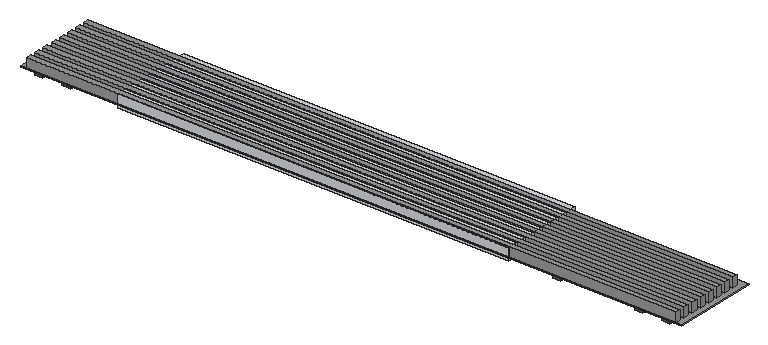
Revit family "1112-8, Veneer", category Generic Models, host Face, Revit 2020
Family settings
  Host = Face
  Can host rebar = No
  Round Connector Dimension = Use Diameter
  Part Type = Normal
  Cut with Voids When Loaded = No
  Shared = No
  Room Calculation Point = No
Parameters
  min_value [instance] = 1' - 11 1/4"  # constant formula
  max_value [instance] = 9' - 11 1/4"  # constant formula
  actual_value [instance] = if(NET LENGTH < min_value, min_value, if(NET LENGTH > max_value, max_value, NET LENGTH))  # 7' - 11 1/4"
  SCRIM MATERIAL [instance] = SCRIM
  SCRIM [instance] = yes
  NET LENGTH [instance] = 7' - 11 1/4"
  Default Elevation = 4' - 0"
  BACKER MATERIAL [instance] = BLACK-BACKERS
  .. MEMBER WIDTH [instance] = 0' - 0 3/4"  # constant formula
  .. MEMBER MATERIAL [instance] = Veneer Cherry
  .. MEMBER LENGTH [instance] = actual_value  # 7' - 11 1/4"
  .. MEMBER DEPTH [instance] = 0' - 1 3/8"  # constant formula
  .. MEMBER COUNT [instance] = 8  # constant formula
  IMPORTANT NOTE!!!                                                                             *Backer layout is for visualization purposes only, final layout to be determined by 9Wood. [instance] = ""
Reference planes (in)
  plane 1 "Center (Front/Back)": y = 0
  plane 2: z = 1.82209
  plane 3 "Center (Left/Right)": x = 0
Forms (in)
  Extrusion 1, solid
    sketch origin (132, -33.80483, 0) x (1, 0, 0) y (0, 1, 0)
      loop
        line (-118.625, 33.80483) -> (-61.26146, 33.80483) -> (-61.26146, 45.86733) -> (-118.625, 45.86733) -> (-118.625, 33.80483)
    from 1.82209 to 0
Dimensions and locks (in)
  aligned and locked: Extrusion 1 to plane 2
  aligned and locked: plane 3 "Center (Left/Right)" to nested 1
Nested families (in)
  nested 1: "1100 SERIES CONFIG" at (0, 2, 0), .. MEMBER DEPTH <- ".. MEMBER DEPTH", .. MEMBER LENGTH <- ".. MEMBER LENGTH", .. MEMBER WIDTH <- ".. MEMBER WIDTH", .. MEMBER MATERIAL <- ".. MEMBER MATERIAL", BACKING M MATERIAL <- "BACKER MATERIAL", SCRIM  MATERIAL <- "SCRIM MATERIAL", .. MEMBER COUNT <- ".. MEMBER COUNT", SCRIM <- "SCRIM", type "1100 SERIES CONFIG"
    with X 7' - 8", SCRIM OVERHANG 2 0' - 0 3/32", SCRIM OVERHANG 0' - 0 7/8", SCRIM LENGTH 8' - 1", SCRIM  MATERIAL SCRIM, SCRIM yes, NOMINAL LENGTH 7, N 8, Inset 6' - 0 3/8", INSET 0' - 1", INDEX 0' - 5 5/8", HALF MEMBER WIDTH 0' - 0 3/8", HALF LENGTH 3' - 11 5/8", END BACKER yes, BACKING M WIDTH 0' - 1 1/4", BACKING M OC SPACING 1' - 0", BACKING M MATERIAL BLACK-BACKERS, BACKING M LENGTH 0' - 11 7/8", BACKING M DEPTH 0' - 0 1/2", BACKING M COUNT 8, 3/16" INSET 0' - 0 3/16", .. MEMBER WIDTH 0' - 0 3/4", .. MEMBER OC SPACING 0' - 1 1/2", .. MEMBER MATERIAL Veneer Cherry, .. MEMBER LENGTH 7' - 11 1/4", .. MEMBER DEPTH 0' - 1 3/8", .. MEMBER COUNT 8
Definition of nested family "1100 SERIES CONFIG"
  Parameters (values of type "1100 SERIES CONFIG")
    X [instance] = .. MEMBER LENGTH - 0' 3 1/4"  # 5' - 5"
    SCRIM OVERHANG 2 [instance] = 0' - 0 3/32"  # constant formula
    SCRIM OVERHANG [instance] = 0' - 0 7/8"  # constant formula
    SCRIM LENGTH [instance] = .. MEMBER LENGTH + (SCRIM OVERHANG * 2)  # 5' - 10"
    SCRIM  MATERIAL [instance] = none
    SCRIM [instance] = yes
    NOMINAL LENGTH [instance] = 7
    N [instance] = if((X - (rounddown(X / 1' 0") * 1' 0")) > 1' 0", rounddown(X / 1' 0") + 2, rounddown(X / 1' 0") + 1)  # 6
    Inset [instance] = 6' - 0 3/8"  # constant formula
    INSET [instance] = 0' - 1"  # constant formula
    END BACKER [instance] = INDEX > 0' 3 5/8"  # yes
    INDEX [instance] = (.. MEMBER LENGTH - ((N - 1) * 1' 0")) / 2  # 0' - 4 1/8"
    HALF MEMBER WIDTH [instance] = .. MEMBER WIDTH / 2  # 0' - 0 5/16"
    HALF LENGTH [instance] = .. MEMBER LENGTH / 2  # 2' - 10 1/8"
    Default Elevation = 0' - 0"
    BACKING M WIDTH [instance] = 0' - 1 1/4"
    BACKING M SPACING = 3' - 3"
    BACKING M MATERIAL [instance] = none
    BACKING M LENGTH [instance] = 0' - 11 7/8"
    BACKING M DEPTH [instance] = 0' - 0 1/2"
    BACKING M COUNT [instance] = N  # 6
    BACKING M OC SPACING [instance] = 1' - 0"  # constant formula
    3/16" INSET [instance] = 0' - 0 3/16"  # constant formula
    .. MEMBER WIDTH [instance] = 0' - 0 5/8"
    .. MEMBER OC SPACING [instance] = 1' 0" / .. MEMBER COUNT  # 0' - 4"
    .. MEMBER MATERIAL [instance] = none
    .. MEMBER LENGTH [instance] = 5' - 8 1/4"
    .. MEMBER DEPTH [instance] = 0' - 1 3/8"
    .. MEMBER COUNT [instance] = 3
  Reference planes (in)
    plane 1 "Center (Front/Back)": y = -2
    plane 2: z = 0
    plane 3 "Center (Left/Right)": x = 0
    plane 4: x = 1
    plane 5: x = 4.125
    plane 6: x = 34.125
    plane 7: x = 68.25
    plane 8: x = 67.25
    plane 9: x = 16.125
    plane 10: y = -1.8125
    plane 11: y = -1.6875
    plane 12: y = 2.3125
    plane 13: x = 69.125
    plane 14: x = -0.875
    plane 15: z = 0.5
    plane 16: z = 0.5625
    plane 17: y = 10.0625
    plane 18: y = 10.15625
    plane 19: y = -2.09375
  Dimensions and locks (in)
    "INSET": plane 3 "Center (Left/Right)" to plane 4
    "INDEX": plane 3 "Center (Left/Right)" to plane 5
    "HALF LENGTH": plane 3 "Center (Left/Right)" to plane 6
    ".. MEMBER LENGTH": plane 3 "Center (Left/Right)" to plane 7
    "INSET": plane 8 to plane 7
    equal spacing: group 2, group 3, group 6, group 7, group 8, group 9  (x3)
    "3/16" INSET": plane 1 "Center (Front/Back)" to plane 10
    ".. MEMBER OC SPACING": plane 12 to plane 11
    "SCRIM OVERHANG": plane 14 to plane 3 "Center (Left/Right)"
    "SCRIM OVERHANG": plane 7 to plane 13
    equal spacing: group 1, group 4, group 5  (x2)
    equal spacing: group 5, group 4, group 1
    "HALF MEMBER WIDTH": plane 1 "Center (Front/Back)" to plane 11
    "BACKING M OC SPACING": plane 5 to plane 9
    "SCRIM OVERHANG 2": plane 18 to plane 17
    "SCRIM OVERHANG 2": plane 19 to plane 1 "Center (Front/Back)"
    aligned and locked: level to plane 2
    aligned and locked: plane 6 to nested 1
    aligned and locked: nested 2 to plane 4
    aligned and locked: plane 5 to nested 3
    aligned and locked: plane 1 "Center (Front/Back)" to nested 1
    aligned and locked: nested 2 to plane 10
    aligned and locked: nested 3 to plane 10
    aligned and locked: nested 5 to plane 10
    aligned and locked: nested 4 to plane 10
    aligned and locked: nested 6 to plane 14
    aligned and locked: plane 12 to nested 7
    aligned and locked: nested 7 to plane 3 "Center (Left/Right)"
    aligned and locked: plane 9 to nested 5
    aligned and locked: plane 8 to nested 4
    aligned and locked: plane 15 to nested 2
    aligned and locked: nested 6 to plane 15
    aligned and locked: nested 1 to plane 16
    aligned and locked: nested 7 to plane 16
    aligned and locked: nested 6 to plane 19
  Nested families (in)
    nested 1: "INSTANCE - Parametric Cube" at (34.125, -1.6875, 1.9375), Length <- ".. MEMBER WIDTH", Height <- ".. MEMBER DEPTH", Width <- ".. MEMBER LENGTH", Material <- ".. MEMBER MATERIAL", type "INSTANCE - Parametric Cube"
      with Width 5' - 8 1/4", Material none, Length 0' - 0 5/8", Height 0' - 1 3/8"
    nested 2: "2ND INSTANCE - Parametric Cube" at (1.625, 4.125, 0), Height <- "BACKING M DEPTH", Length <- "BACKING M LENGTH", Width <- "BACKING M WIDTH", Material <- "BACKING M MATERIAL", visible <- "END BACKER", type "2ND INSTANCE - Parametric Cube"
      with Width 0' - 1 1/4", Material none, Length 0' - 11 7/8", Height 0' - 0 1/2"
    nested 3: "2ND INSTANCE - Parametric Cube" at (4.125, 4.125, 0), Length <- "BACKING M LENGTH", Height <- "BACKING M DEPTH", Width <- "BACKING M WIDTH", Material <- "BACKING M MATERIAL", type "2ND INSTANCE - Parametric Cube"
      with Width 0' - 1 1/4", Material none, Length 0' - 11 7/8", Height 0' - 0 1/2"
    nested 4: "2ND INSTANCE - Parametric Cube" at (66.625, 4.125, 0), Width <- "BACKING M WIDTH", Length <- "BACKING M LENGTH", Height <- "BACKING M DEPTH", Material <- "BACKING M MATERIAL", visible <- "END BACKER", type "2ND INSTANCE - Parametric Cube"
      with Width 0' - 1 1/4", Material none, Length 0' - 11 7/8", Height 0' - 0 1/2"
    nested 5: "2ND INSTANCE - Parametric Cube" at (16.125, 4.125, 0), Length <- "BACKING M LENGTH", Height <- "BACKING M DEPTH", Width <- "BACKING M WIDTH", Material <- "BACKING M MATERIAL", type "2ND INSTANCE - Parametric Cube"
      with Width 0' - 1 1/4", Material none, Length 0' - 11 7/8", Height 0' - 0 1/2"
    nested 6: "3RD INSTANCE - Parametric Cube" at (34.125, 4.0445, 0.5), Width <- "SCRIM LENGTH", Material <- "SCRIM  MATERIAL", visible <- "SCRIM", type "3RD INSTANCE - Parametric Cube"
      with Width 5' - 10", Material none, Length 1' - 0.27649", Height 0' - 0 1/16"
    nested 7: "INSTANCE - Parametric Cube" at (34.125, 2.3125, 1.9375), Length <- ".. MEMBER WIDTH", Height <- ".. MEMBER DEPTH", Width <- ".. MEMBER LENGTH", Material <- ".. MEMBER MATERIAL", type "INSTANCE - Parametric Cube"
      with Width 5' - 8 1/4", Material none, Length 0' - 0 5/8", Height 0' - 1 3/8"
    nested 8: "INSTANCE - Parametric Cube" at (34.125, 6.3125, 1.9375), Length <- ".. MEMBER WIDTH", Height <- ".. MEMBER DEPTH", Width <- ".. MEMBER LENGTH", Material <- ".. MEMBER MATERIAL", type "INSTANCE - Parametric Cube"
      with Width 5' - 8 1/4", Material none, Length 0' - 0 5/8", Height 0' - 1 3/8"
    nested 9: "2ND INSTANCE - Parametric Cube" at (28.125, 4.125, 0), Length <- "BACKING M LENGTH", Height <- "BACKING M DEPTH", Width <- "BACKING M WIDTH", Material <- "BACKING M MATERIAL", type "2ND INSTANCE - Parametric Cube"
      with Width 0' - 1 1/4", Material none, Length 0' - 11 7/8", Height 0' - 0 1/2"
    nested 10: "2ND INSTANCE - Parametric Cube" at (40.125, 4.125, 0), Length <- "BACKING M LENGTH", Height <- "BACKING M DEPTH", Width <- "BACKING M WIDTH", Material <- "BACKING M MATERIAL", type "2ND INSTANCE - Parametric Cube"
      with Width 0' - 1 1/4", Material none, Length 0' - 11 7/8", Height 0' - 0 1/2"
    nested 11: "2ND INSTANCE - Parametric Cube" at (52.125, 4.125, 0), Length <- "BACKING M LENGTH", Height <- "BACKING M DEPTH", Width <- "BACKING M WIDTH", Material <- "BACKING M MATERIAL", type "2ND INSTANCE - Parametric Cube"
      with Width 0' - 1 1/4", Material none, Length 0' - 11 7/8", Height 0' - 0 1/2"
    nested 12: "2ND INSTANCE - Parametric Cube" at (64.125, 4.125, 0), Length <- "BACKING M LENGTH", Height <- "BACKING M DEPTH", Width <- "BACKING M WIDTH", Material <- "BACKING M MATERIAL", type "2ND INSTANCE - Parametric Cube"
      with Width 0' - 1 1/4", Material none, Length 0' - 11 7/8", Height 0' - 0 1/2"
  Definition of nested family "INSTANCE - Parametric Cube"
    Parameters (values of type "INSTANCE - Parametric Cube")
      Width [instance] = 0' - 6"
      Material [instance] = none
      Length [instance] = 1' - 0"
      Height [instance] = 1' - 6"
      Default Elevation = 0' - 0"
    Reference planes (in)
      plane 1 "Center (Front/Back)": y = 0
      plane 2: z = 0
      plane 3 "Center (Left/Right)": x = 0
      plane 4: x = -3
      plane 5: x = 3
      plane 6: y = 6
      plane 7: y = -6
      plane 8: z = -18
    Forms (in)
      Extrusion 1, solid, material <- "Material"
        sketch origin (0, 0, 0) x (1, 0, 0) y (0, 1, 0)
          loop
            line (-3, 6) -> (-3, -6) -> (3, -6) -> (3, 6) -> (-3, 6)
        from -18 to 0
    Dimensions and locks (in)
      equal spacing: plane 4, plane 3 "Center (Left/Right)", plane 5
      equal spacing: plane 6, plane 1 "Center (Front/Back)", plane 7
      "Length": plane 6 to plane 7
      "Width": plane 4 to plane 5
      "Height": plane 8 to level
      aligned and locked: plane 2 to level
      aligned and locked: Extrusion 1 sketch curve to plane 6
      aligned and locked: plane 4 to Extrusion 1 sketch curve
      aligned and locked: plane 7 to Extrusion 1 sketch curve
      aligned and locked: Extrusion 1 sketch curve to plane 5
      aligned and locked: Extrusion 1 to plane 8
  Definition of nested family "2ND INSTANCE - Parametric Cube"
    Parameters (values of type "2ND INSTANCE - Parametric Cube")
      Width [instance] = 0' - 6"
      Material [instance] = none
      Length [instance] = 1' - 0"
      Height [instance] = 1' - 6"
      Default Elevation = 0' - 0"
    Reference planes (in)
      plane 1 "Center (Front/Back)": y = 0
      plane 2: z = 0
      plane 3 "Center (Left/Right)": x = 0
      plane 4: x = -3
      plane 5: x = 3
      plane 6: y = 6
      plane 7: y = -6
      plane 8: z = 18
    Forms (in)
      Extrusion 1, solid, material <- "Material"
        sketch origin (0, 0, 0) x (1, 0, 0) y (0, 1, 0)
          loop
            line (-3, 6) -> (-3, -6) -> (3, -6) -> (3, 6) -> (-3, 6)
        from 0 to 18
    Dimensions and locks (in)
      equal spacing: plane 4, plane 3 "Center (Left/Right)", plane 5
      equal spacing: plane 6, plane 1 "Center (Front/Back)", plane 7
      "Length": plane 6 to plane 7
      "Width": plane 4 to plane 5
      "Height": level to plane 8
      aligned and locked: plane 2 to level
      aligned and locked: Extrusion 1 sketch curve to plane 6
      aligned and locked: plane 4 to Extrusion 1 sketch curve
      aligned and locked: plane 7 to Extrusion 1 sketch curve
      aligned and locked: Extrusion 1 sketch curve to plane 5
      aligned and locked: plane 8 to Extrusion 1
      aligned and locked: Extrusion 1 to level
  Definition of nested family "3RD INSTANCE - Parametric Cube"
    Parameters (values of type "3RD INSTANCE - Parametric Cube")
      Width [instance] = 0' - 6"
      Material [instance] = none
      Length [instance] = 1' - 0"
      Height [instance] = 1' - 6"
      Default Elevation = 0' - 0"
    Reference planes (in)
      plane 1 "Center (Front/Back)": y = 0
      plane 2: z = 0
      plane 3 "Center (Left/Right)": x = 0
      plane 4: x = -3
      plane 5: x = 3
      plane 6: y = 6
      plane 7: y = -6
      plane 8: z = 18
    Forms (in)
      Extrusion 1, solid, material <- "Material"
        sketch origin (0, 0, 0) x (1, 0, 0) y (0, 1, 0)
          loop
            line (-3, 6) -> (-3, -6) -> (3, -6) -> (3, 6) -> (-3, 6)
        from 0 to 18
    Dimensions and locks (in)
      equal spacing: plane 4, plane 3 "Center (Left/Right)", plane 5
      equal spacing: plane 6, plane 1 "Center (Front/Back)", plane 7
      "Length": plane 6 to plane 7
      "Width": plane 4 to plane 5
      "Height": level to plane 8
      aligned and locked: plane 2 to level
      aligned and locked: Extrusion 1 sketch curve to plane 6
      aligned and locked: plane 4 to Extrusion 1 sketch curve
      aligned and locked: plane 7 to Extrusion 1 sketch curve
      aligned and locked: Extrusion 1 sketch curve to plane 5
      aligned and locked: plane 8 to Extrusion 1
      aligned and locked: Extrusion 1 to level
